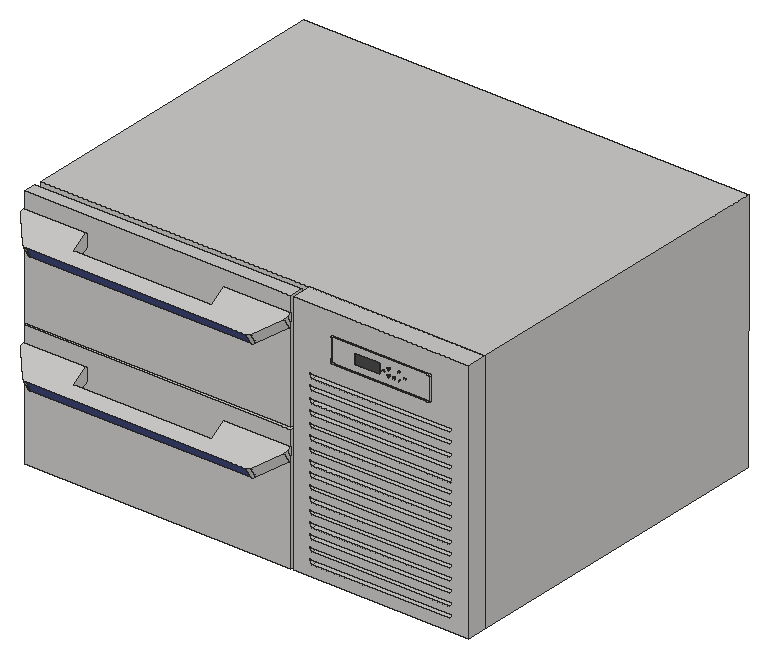
Revit family "QF_ELECTROLUXPROFESSIONAL_588718_MB6HDAJOBO", category Attrezzature speciali, Revit 2020
Family settings
  Quota connettore circolare = Usa diametro
  Tipo di parte = Normale
  Basato su piano di lavoro = No
  Sempre verticale = Sì
  Taglio con vuoti quando caricato = No
  Condiviso = No
  Punto di calcolo locali = No
Parameters (values of type "Standard")
  Weight = 80.00 kg
  Watts = 480 W
  Volts = 220 V
  URL Manufacturer = "https://www.electroluxprofessional.com/"
  URL = "https://www.electroluxprofessional.com/"
  Steam Supply Size = 0"
  Steam Supply Minimum Pressure = 0.00 psi
  Steam Supply Maximum Pressure = 0.00 psi
  Steam Consumption per Hour = 0
  Refrigeration Suction Line Size = 0 mm
  Refrigeration Liquid Line Size = 0 mm
  Refrigerant Compressor Remote = yes
  Prospetto di default = 0 mm
  Phase = 1
  Modello = "MB6HDAJOBO"
  Produttore = "Electrolux Professional"
  Length Actual = 1000 mm  # constant formula
  Item Number = "588718"
  Hot Water Size = 0"
  Height Actual = 550 mm  # constant formula
  HP = "0.6 HP"
  Gas Size = 0"
  Gas KW = 0
  Gas Input Pressure = 0.0 Btu/h
  Direct Waste Size = 0"
  Descrizione = "REF-FREEZER BASE,2DRAWERS,1SIDE,1000X850X550H - R290"
  Depth Actual = 850 mm  # constant formula
  Cycle = 50 Hz
  Condensate Return Size = 0"
  Compressed Air Volume = 0 GPM
  Compressed Air Size = 0"
  Compressed Air Pressure = 0.00 psi
  Cold Water Size = 0"
  Accessory = yes
Reference planes
  plane 1 "BACK": y = 0
  plane 2: z = 0
  plane 3 "LEFT": x = -100
  plane 4 "RIGHT": x = 900
  plane 5 "FRONT": y = -850
  plane 6 "TOP": z = 900
  plane 7 "Center (Left/Right)": x = 400
  plane 8: y = -425
  plane 9: z = 100
  plane 10: y = -150
  plane 11 "Panel": y = -785
  plane 12: z = 798
  plane 13: x = -22
  plane 14: x = 822
  plane 15: y = -150
  plane 16: y = -650
  plane 17 "EIx": x = 770
  plane 18 "EIy": y = -85
  plane 19: z = 650
  plane 20 "GasX": x = 670
  plane 21 "EI2x": x = 600
  plane 22: y = -45
  plane 23: y = -830
Forms (mm)
  Extrusion 1, solid, material "QF_Finishes_Stainless Steel"
    sketch origin (-488.969, -4662, 100) x (-1, 0, 0) y (0, -1, 0)
      loop
        circle (-1258.969, -4577) r 6.35
    from 0 to -11.851
  Extrusion 2, solid, material "QF_Finishes_Stainless Steel"
    sketch origin (-178.969, -4572, 100) x (-1, 0, 0) y (0, -1, 0)
      loop
        line (-78.969, -4527) -> (-78.969, -3787) -> (-1078.969, -3787) -> (-1078.969, -4527) -> (-78.969, -4527)
    from 550 to 0
  Extrusion 3, solid, material "QF_Finishes_Stainless Steel"
    sketch origin (-658.969, -4662, 100) x (-1, 0, 0) y (0, -1, 0)
      loop
        circle (-1258.969, -4577) r 6.35
    from 0 to -11.851
  Extrusion 4, solid, material "QF_Finishes_Stainless Steel"
    sketch origin (-588.969, -4662, 100) x (-1, 0, 0) y (0, -1, 0)
      loop
        circle (-1258.969, -4577) r 6.35
    from 0 to -11.851
Lines and regions (mm)
  symbolic lines, style "SpecialityEquipmentHiddenLines"
    curve 1: line (-100, -45, 100) -> (900, -45, 100)
  symbolic lines
    curve 2: line (-100, -850, 100) -> (-100, -45, 100)
    curve 3: line (900, -850, 100) -> (-100, -850, 100)
    curve 4: line (900, -45, 100) -> (900, -850, 100)
Dimensions and locks
  plane 3 "LEFT" to plane 4 "RIGHT" = 1000 mm
  locked: plane 5 "FRONT" to plane 1 "BACK" at 850
  equal spacing: plane 3 "LEFT", plane 7 "Center (Left/Right)", plane 4 "RIGHT"
  equal spacing: plane 5 "FRONT", plane 8, plane 1 "BACK"
  plane 6 "TOP" to level = 900 mm  (x2)
  plane 9 to level = 100 mm
  plane 1 "BACK" to plane 10 to plane 11 "Panel" = 150 mm, 635 mm  (x2)
  plane 6 "TOP" to plane 9 to level = 800 mm, 100 mm
  plane 1 "BACK" to Extrusion 1 = 85 mm
  plane 13 to plane 3 "LEFT" = 78 mm
  plane 14 to plane 4 "RIGHT" = 78 mm
  locked: plane 1 "BACK" to plane 15 at 150
  locked: plane 15 to plane 16 at 500
  plane 11 "Panel" to plane 5 "FRONT" = 65 mm
  locked: plane 18 "EIy" to plane 1 "BACK" at 85
  plane 19 to plane 9 = 550 mm
  locked: plane 20 "GasX" to plane 4 "RIGHT" at 230
  locked: plane 17 "EIx" to plane 4 "RIGHT" at 130
  locked: plane 21 "EI2x" to plane 4 "RIGHT" at 300
  plane 1 "BACK" to plane 5 "FRONT" = 850 mm
  locked: plane 1 "BACK" to plane 22 at 45
  plane 5 "FRONT" to plane 23 = 20 mm
  plane 11 "Panel" to plane 23 = 45 mm
  aligned and locked: level to plane 2
  aligned and locked: nested 1 to plane 4 "RIGHT"
  aligned and locked: plane 3 "LEFT" to nested 2
  aligned and locked: plane 19 to nested 1
  aligned and locked: plane 22 to Extrusion 2
  aligned and locked: plane 11 "Panel" to nested 1
  aligned and locked: Extrusion 2 to plane 11 "Panel"  (x2)
  aligned and locked: plane 11 "Panel" to nested 2
Automatic sketch dimensions
  plane 1 "BACK" to curve 1 = 45 mm
  curve 1 to plane 4 "RIGHT" = 0 mm
  curve 3 to plane 3 "LEFT" = 0 mm
  plane 5 "FRONT" to curve 3 = 0 mm
  Extrusion 1 sketch curve to plane 17 "EIx" = 0 mm
  Extrusion 1 sketch curve to plane 18 "EIy" = 0 mm
  Extrusion 2 sketch curve to plane 4 "RIGHT" = 0 mm
  Extrusion 2 sketch curve to plane 3 "LEFT" = 0 mm
  Extrusion 2 sketch curve to plane 11 "Panel" = 0 mm
  plane 18 "EIy" to Extrusion 2 sketch curve = 40 mm
  Extrusion 3 sketch curve to plane 18 "EIy" = 0 mm
  Extrusion 3 sketch curve to plane 21 "EI2x" = 0 mm
  Extrusion 4 sketch curve to plane 18 "EIy" = 0 mm
  Extrusion 4 sketch curve to plane 20 "GasX" = 0 mm
  radius of Extrusion 1 sketch curve = 6.35 mm
  radius of Extrusion 3 sketch curve = 6.35 mm
  radius of Extrusion 4 sketch curve = 6.35 mm
Nested families
  nested 1: "QF_ELECTROLUXPROFESSIONAL_REF-FREEZER-UNIT" at (636.133, -785, 394.336) x (1, 0, 0) z (0, -1, 0), type "QF_ELECTROLUXPROFESSIONAL_REF-FREEZER-UNIT"
    with Show Logo yes
  nested 2: "Drawer_W600_Ref_Freezer" at (205, -785, 0), type "Drawer_W600_Ref_Freezer"
Connectors
  electrical at (770, -85, 88.149)
    settings: on Extrusion 1, index 1, voltage 400 V, apparent load 33000 VA, apparent load phase1 0 VA, apparent load phase2 0 VA, apparent load phase3 0 VA, power factor 1, load classification "Other", number of poles 1, system type 30, power factor state 1, is connector primary yes, connector utility no, sub classification motor no, connector description "ELECTRICAL CONNECTION"
  piping at (670, -85, 88.149), diameter 12.7
    settings: on Extrusion 4, index 2, connector inside diameter 24", connector length 0 mm, flow factor 0, pipe flow 0 GPM, pressure drop 0.00 psi, fitting loss kfactor 0, connector angle 0.00°, fixture units 0, engagement length 0 mm, angle of deflection 0.00°, flow configuration 1, flow direction 1, fitting loss method 0, system type 7, joint type 0, gender type 0, connector reference index -1, connector utility 0, adjustable connector no, is connector primary yes, connector description "Gas connection"
  electrical at (600, -85, 88.149)
    settings: on Extrusion 3, index 3, voltage 0 V, apparent load 0 VA, apparent load phase1 0 VA, apparent load phase2 0 VA, apparent load phase3 0 VA, power factor 1, load classification "Other", number of poles 1, system type 30, power factor state 1, is connector primary no, connector utility no, sub classification motor no, connector description "Electrical connection"
Definition of nested family "QF_ELECTROLUXPROFESSIONAL_REF-FREEZER-UNIT"
  Parameters
    Width = 395 mm
    Show Logo [instance] = yes
    Height = 550 mm
    Depth = 45 mm
    Default Elevation = 100 mm
  Reference planes
    plane 1 "Centro (Fronte/Retro)": y = -19.336
    plane 2: z = 0
    plane 3 "Centro (Sinistra/Destra)": x = 66.367
    plane 4 "Back": y = -294.336
    plane 5 "Top": y = 255.664
    plane 6 "Left": x = -131.133
    plane 7 "Right": x = 263.867
    plane 8 "Panel": z = 45
  Forms (mm)
    Extrusion 1, solid
      sketch origin (0, 0, 0) x (1, 0, 0) y (0, 1, 0)
        loop
          line (-1219.2, 1219.2) -> (-1219.2, -1219.2) -> (1219.2, -1219.2) -> (1219.2, 1219.2) -> (-1219.2, 1219.2)
      from 0 to -304.8
    Extrusion 2, solid
      sketch origin (66.367, 0, 0) x (0, 1, 0) y (0, 0, 1)
        loop
          line (-294.336, 45) -> (-294.336, 0) -> (255.664, 0) -> (255.664, 45) -> (-294.336, 45)
      from -197.5 to 197.5
    Sweep 3, solid
      path origin (0, 0, 0) x (1, 0, 0) y (0, 1, 0)
        loop
          line (175.167, 207.994) -> (-42.833, 207.994)
          arc (-42.833, 207.994) -> (-44.954, 207.115) -> (-45.833, 204.994) r 3
          line (-45.833, 204.994) -> (-45.833, 154.894)
          arc (-45.833, 154.894) -> (-44.954, 152.772) -> (-42.833, 151.894) r 3
          line (-42.833, 151.894) -> (175.167, 151.894)
          arc (175.167, 151.894) -> (177.289, 152.772) -> (178.167, 154.894) r 3
          line (178.167, 154.894) -> (178.167, 204.994)
          arc (178.167, 204.994) -> (177.289, 207.115) -> (175.167, 207.994) r 3
      profile origin (66.167, 207.994, 0) x (0, -1, 0) y (0, 0, 1)
        loop
          line (0, 45.003) -> (2, 45.003) -> (2, 47.003)
          arc (2, 47.003) -> (0.586, 46.417) -> (0, 45.003) r 2
    Extrusion 4, solid
      sketch origin (0, 0, 45) x (-1, 0, 0) y (0, -1, 0)
        loop
          arc (42.333, -206.244) -> (43.575, -205.726) -> (44.083, -204.479) r 1.75
          line (44.083, -204.479) -> (44.083, -155.379)
          arc (44.083, -155.379) -> (43.57, -154.156) -> (42.346, -153.644) r 1.75
          line (42.346, -153.644) -> (-174.654, -153.644)
          arc (-174.654, -153.644) -> (-175.9, -154.152) -> (-176.417, -155.394) r 1.75
          line (-176.417, -155.394) -> (-176.417, -204.494)
          arc (-176.417, -204.494) -> (-175.905, -205.731) -> (-174.667, -206.244) r 1.75
          line (-174.667, -206.244) -> (42.333, -206.244)
        loop
          arc (-9.317, -170.644) -> (-9.611, -169.937) -> (-10.317, -169.644) r 1.002
          line (-10.317, -169.644) -> (-63.917, -169.644)
          arc (-63.917, -169.644) -> (-64.621, -169.935) -> (-64.917, -170.637) r 1.002
          line (-64.917, -170.637) -> (-64.917, -189.751)
          arc (-64.917, -189.751) -> (-64.621, -190.453) -> (-63.917, -190.744) r 1.002
          line (-63.917, -190.744) -> (-10.317, -190.744)
          arc (-10.317, -190.744) -> (-9.611, -190.45) -> (-9.317, -189.744) r 1.002
          line (-9.317, -189.744) -> (-9.317, -170.644)
        loop
          line (-72.717, -183.367) -> (-69.06, -177.032) -> (-76.375, -177.032) -> (-72.717, -183.367)
        loop
          circle (-84.616, -187.247) r 3.169
        loop
          circle (-84.616, -173.141) r 3.169
        loop
          line (-93.382, -170.679) -> (-99.425, -170.679) -> (-99.425, -175.679) -> (-93.382, -175.679) -> (-93.382, -170.679)
        loop
          line (-106.292, -171.416) -> (-108.401, -170.022) -> (-110.543, -171.427) -> (-110.543, -173.081) -> (-108.414, -171.678) -> (-106.292, -173.081) -> (-106.292, -171.416)
        loop
          line (-106.172, -187.306) -> (-108.366, -188.753) -> (-110.527, -187.306) -> (-110.527, -189.011) -> (-108.366, -190.44) -> (-106.172, -189) -> (-106.172, -187.306)
        loop
          line (-117.509, -181.558) -> (-117.509, -179.018) -> (-122.899, -179.018) -> (-122.899, -181.558) -> (-117.509, -181.558)
      from 0 to 2.003
    Extrusion 5, solid
      sketch origin (0, 0, 45) x (-1, 0, 0) y (0, -1, 0)
        loop
          arc (-64.917, -189.751) -> (-64.621, -190.453) -> (-63.915, -190.744) r 1.002
          line (-63.915, -190.744) -> (-10.319, -190.744)
          arc (-10.319, -190.744) -> (-9.611, -190.45) -> (-9.317, -189.742) r 1.002
          line (-9.317, -189.742) -> (-9.317, -170.646)
          arc (-9.317, -170.646) -> (-9.611, -169.937) -> (-10.319, -169.644) r 1.002
          line (-10.319, -169.644) -> (-63.917, -169.644)
          arc (-63.917, -169.644) -> (-64.621, -169.935) -> (-64.917, -170.637) r 1.002
          line (-64.917, -170.637) -> (-64.917, -189.751)
      from 0 to 2.003
    Extrusion 6, solid
      sketch origin (0, 0, 45) x (-1, 0, 0) y (0, -1, 0)
        loop
          line (-69.06, -177.032) -> (-76.375, -177.032) -> (-72.717, -183.367) -> (-69.06, -177.032)
        loop
          circle (-84.616, -187.247) r 3.169
        loop
          circle (-84.616, -173.141) r 3.169
        loop
          line (-99.425, -170.679) -> (-99.425, -175.679) -> (-93.382, -175.679) -> (-93.382, -170.679) -> (-99.425, -170.679)
        loop
          line (-108.401, -170.022) -> (-110.543, -171.427) -> (-110.543, -173.081) -> (-108.414, -171.678) -> (-106.292, -173.081) -> (-106.292, -171.416) -> (-108.401, -170.022)
        loop
          line (-122.899, -179.018) -> (-122.899, -181.558) -> (-117.509, -181.558) -> (-117.509, -179.018) -> (-122.899, -179.018)
        loop
          line (-108.366, -188.753) -> (-110.527, -187.306) -> (-110.527, -189.011) -> (-108.366, -190.44) -> (-106.172, -189) -> (-106.172, -187.306) -> (-108.366, -188.753)
      from 0 to 2
    Extrusion 7, void
      sketch origin (0, 0, 45) x (-1, 0, 0) y (0, -1, 0)
        loop
          line (93.805, -115.164) -> (88.954, -105.485) -> (-221.688, -105.485) -> (-226.538, -115.164) -> (93.805, -115.164)
        loop
          line (93.805, -90.163) -> (88.954, -80.484) -> (-221.688, -80.484) -> (-226.538, -90.163) -> (93.805, -90.163)
        loop
          line (93.805, -65.163) -> (88.954, -55.485) -> (-221.688, -55.485) -> (-226.538, -65.163) -> (93.805, -65.163)
        loop
          line (93.805, -40.164) -> (88.954, -30.485) -> (-221.688, -30.485) -> (-226.538, -40.164) -> (93.805, -40.164)
        loop
          line (93.805, -15.163) -> (88.954, -5.484) -> (-221.688, -5.484) -> (-226.538, -15.163) -> (93.805, -15.163)
        loop
          line (93.805, 9.837) -> (88.954, 19.516) -> (-221.688, 19.516) -> (-226.538, 9.837) -> (93.805, 9.837)
        loop
          line (93.805, 34.836) -> (88.954, 44.515) -> (-221.688, 44.515) -> (-226.538, 34.836) -> (93.805, 34.836)
        loop
          line (93.805, 59.837) -> (88.954, 69.516) -> (-221.688, 69.516) -> (-226.538, 59.837) -> (93.805, 59.837)
        loop
          line (93.805, 84.837) -> (88.954, 94.515) -> (-221.688, 94.515) -> (-226.538, 84.837) -> (93.805, 84.837)
        loop
          line (93.805, 109.836) -> (88.954, 119.515) -> (-221.688, 119.515) -> (-226.538, 109.836) -> (93.805, 109.836)
        loop
          line (93.805, 134.837) -> (88.954, 144.516) -> (-221.688, 144.516) -> (-226.538, 134.837) -> (93.805, 134.837)
        loop
          line (93.805, 159.837) -> (88.954, 169.515) -> (-221.688, 169.515) -> (-226.538, 159.837) -> (93.805, 159.837)
        loop
          line (93.805, 184.837) -> (88.954, 194.515) -> (-221.688, 194.515) -> (-226.538, 184.837) -> (93.805, 184.837)
        loop
          line (93.805, 209.837) -> (88.954, 219.516) -> (-221.688, 219.516) -> (-226.538, 209.837) -> (93.805, 209.837)
        loop
          line (93.805, 234.837) -> (88.954, 244.515) -> (-221.688, 244.515) -> (-226.538, 234.837) -> (93.805, 234.837)
        loop
          line (93.805, 259.836) -> (88.954, 269.515) -> (-221.688, 269.515) -> (-226.538, 259.836) -> (93.805, 259.836)
      from 11.086 to -14.08
  Cuts and joins
    Extrusion 7 cuts Extrusion 2
  Lines and regions (mm)
    symbolic lines
      curve 1: line (-131.133, -294.336, 0) -> (-131.133, -294.336, 45)
  Dimensions and locks
    "Height": plane 5 "Top" to plane 4 "Back"
    equal spacing: plane 5 "Top", plane 1 "Centro (Fronte/Retro)", plane 4 "Back"
    "Width": plane 6 "Left" to plane 7 "Right"
    equal spacing: plane 6 "Left", plane 3 "Centro (Sinistra/Destra)", plane 7 "Right"
    plane 8 "Panel" to level = 45 mm
    aligned and locked: plane 2 to Extrusion 1
    aligned and locked: level to Extrusion 1
    aligned and locked: plane 5 "Top" to Extrusion 2 sketch curve
    aligned and locked: Extrusion 2 sketch curve to plane 4 "Back"
    aligned and locked: Extrusion 2 sketch curve to plane 8 "Panel"
    aligned and locked: Extrusion 2 sketch curve to Extrusion 1
  Automatic sketch dimensions
    Extrusion 1 sketch curve to Extrusion 1 sketch curve = 2438.4 mm  (x2)
    plane 6 "Left" to Sweep 3 sketch curve = 88.301 mm
    Sweep 3 sketch curve to plane 5 "Top" = 50.67 mm
    Sweep 3 sketch curve to Sweep 3 sketch curve = 3 mm  (x4)
    Sweep 3 sketch curve to plane 7 "Right" = 88.699 mm
    Sweep 3 sketch curve to Sweep 3 sketch curve = 50.1 mm
    Sweep 3 sketch curve to Sweep 3 sketch curve = 0 mm  (x2)
    Sweep 3 sketch curve to profile plane = 2 mm
    level to Sweep 3 sketch curve = 45.003 mm
    Sweep 3 sketch curve to profile plane = 0 mm
    Extrusion 5 sketch curve to plane 3 "Centro (Sinistra/Destra)" = 1.449 mm
    Extrusion 5 sketch curve to Extrusion 5 sketch curve = 1.002 mm  (x4)
    Extrusion 5 sketch curve to Extrusion 5 sketch curve = 0 mm  (x9)
    Extrusion 5 sketch curve to Extrusion 5 sketch curve = 53.596 mm
    Extrusion 5 sketch curve to plane 5 "Top" = 64.92 mm
    Extrusion 5 sketch curve to Extrusion 5 sketch curve = 0.993 mm
    Extrusion 5 sketch curve to Extrusion 5 sketch curve = 0.009 mm  (x2)
    Extrusion 5 sketch curve to Extrusion 5 sketch curve = 19.096 mm  (x2)
    Extrusion 5 sketch curve to Extrusion 5 sketch curve = 0.03 mm
    Extrusion 5 sketch curve to Extrusion 5 sketch curve = 0.028 mm
    Extrusion 4 sketch curve to plane 7 "Right" = 89.199 mm
    Extrusion 4 sketch curve to Extrusion 4 sketch curve = 0 mm  (x24)
    Extrusion 4 sketch curve to Extrusion 4 sketch curve = 0.013 mm  (x3)
    plane 3 "Centro (Sinistra/Destra)" to Extrusion 4 sketch curve = 56.533 mm
    Extrusion 4 sketch curve to Extrusion 4 sketch curve = 5.391 mm
    Extrusion 4 sketch curve to Extrusion 4 sketch curve = 6.966 mm
    Extrusion 4 sketch curve to Extrusion 4 sketch curve = 6.982 mm
    Extrusion 4 sketch curve to Extrusion 4 sketch curve = 2.129 mm
    Extrusion 4 sketch curve to Extrusion 4 sketch curve = 2.16 mm
    Extrusion 4 sketch curve to Extrusion 4 sketch curve = 2.122 mm
    Extrusion 4 sketch curve to Extrusion 4 sketch curve = 2.194 mm
    Extrusion 4 sketch curve to Extrusion 4 sketch curve = 6.867 mm
    Extrusion 4 sketch curve to Extrusion 4 sketch curve = 6.043 mm
    Extrusion 4 sketch curve to Extrusion 4 sketch curve = 8.767 mm  (x2)
    Extrusion 4 sketch curve to Extrusion 4 sketch curve = 8.241 mm
    plane 3 "Centro (Sinistra/Destra)" to Extrusion 4 sketch curve = 6.351 mm
    plane 3 "Centro (Sinistra/Destra)" to Extrusion 4 sketch curve = 2.693 mm
    Extrusion 4 sketch curve to plane 3 "Centro (Sinistra/Destra)" = 1.449 mm
    Extrusion 4 sketch curve to Extrusion 4 sketch curve = 1.002 mm  (x4)
    Extrusion 4 sketch curve to Extrusion 4 sketch curve = 53.596 mm
    Extrusion 4 sketch curve to Extrusion 4 sketch curve = 52.652 mm
    Extrusion 4 sketch curve to Extrusion 4 sketch curve = 1.75 mm  (x2)
    Extrusion 4 sketch curve to plane 5 "Top" = 51.17 mm  (x2)
    Extrusion 4 sketch curve to Extrusion 4 sketch curve = 0.015 mm  (x2)
    Extrusion 4 sketch curve to plane 5 "Top" = 65.223 mm
    Extrusion 4 sketch curve to Extrusion 4 sketch curve = 0.69 mm
    Extrusion 4 sketch curve to Extrusion 4 sketch curve = 0.009 mm  (x2)
    Extrusion 4 sketch curve to Extrusion 4 sketch curve = 1.429 mm
    Extrusion 4 sketch curve to Extrusion 4 sketch curve = 1.44 mm
    Extrusion 4 sketch curve to Extrusion 4 sketch curve = 1.687 mm
    Extrusion 4 sketch curve to Extrusion 4 sketch curve = 1.694 mm
    Extrusion 4 sketch curve to Extrusion 4 sketch curve = 1.706 mm
    Extrusion 4 sketch curve to Extrusion 4 sketch curve = 2.504 mm
    Extrusion 4 sketch curve to Extrusion 4 sketch curve = 6.383 mm
    Extrusion 4 sketch curve to Extrusion 4 sketch curve = 5.748 mm
    Extrusion 4 sketch curve to Extrusion 4 sketch curve = 2.539 mm
    Extrusion 4 sketch curve to Extrusion 4 sketch curve = 6.335 mm
    Extrusion 4 sketch curve to Extrusion 4 sketch curve = 11.568 mm
    Extrusion 4 sketch curve to Extrusion 4 sketch curve = 3.891 mm
    Extrusion 4 sketch curve to Extrusion 4 sketch curve = 5.937 mm
    Extrusion 4 sketch curve to Extrusion 4 sketch curve = 1.404 mm
    Extrusion 4 sketch curve to Extrusion 4 sketch curve = 1.654 mm
    Extrusion 4 sketch curve to Extrusion 4 sketch curve = 1.665 mm
    Extrusion 4 sketch curve to Extrusion 4 sketch curve = 5 mm
    Extrusion 4 sketch curve to Extrusion 4 sketch curve = 6.386 mm
    Extrusion 4 sketch curve to Extrusion 4 sketch curve = 19.096 mm
    Extrusion 4 sketch curve to Extrusion 4 sketch curve = 1.656 mm
    Extrusion 4 sketch curve to Extrusion 4 sketch curve = 49.1 mm  (x2)
    Extrusion 4 sketch curve to Extrusion 4 sketch curve = 0.002 mm  (x5)
    plane 3 "Centro (Sinistra/Destra)" to Extrusion 6 sketch curve = 56.533 mm
    Extrusion 6 sketch curve to Extrusion 6 sketch curve = 5.391 mm
    Extrusion 6 sketch curve to Extrusion 6 sketch curve = 6.966 mm
    Extrusion 6 sketch curve to Extrusion 6 sketch curve = 6.982 mm
    Extrusion 6 sketch curve to Extrusion 6 sketch curve = 2.129 mm
    Extrusion 6 sketch curve to Extrusion 6 sketch curve = 0.013 mm
    Extrusion 6 sketch curve to Extrusion 6 sketch curve = 2.16 mm
    Extrusion 6 sketch curve to Extrusion 6 sketch curve = 0 mm  (x2)
    Extrusion 6 sketch curve to Extrusion 6 sketch curve = 2.122 mm
    Extrusion 6 sketch curve to Extrusion 6 sketch curve = 2.194 mm
    Extrusion 6 sketch curve to Extrusion 6 sketch curve = 6.867 mm
    Extrusion 6 sketch curve to Extrusion 6 sketch curve = 6.043 mm
    Extrusion 6 sketch curve to Extrusion 6 sketch curve = 8.767 mm  (x2)
    Extrusion 6 sketch curve to Extrusion 6 sketch curve = 8.241 mm
    plane 3 "Centro (Sinistra/Destra)" to Extrusion 6 sketch curve = 6.351 mm
    plane 3 "Centro (Sinistra/Destra)" to Extrusion 6 sketch curve = 2.693 mm
    Extrusion 6 sketch curve to plane 5 "Top" = 65.223 mm
    Extrusion 6 sketch curve to Extrusion 6 sketch curve = 1.429 mm
    Extrusion 6 sketch curve to Extrusion 6 sketch curve = 1.44 mm
    Extrusion 6 sketch curve to Extrusion 6 sketch curve = 1.687 mm
    Extrusion 6 sketch curve to Extrusion 6 sketch curve = 1.706 mm
    Extrusion 6 sketch curve to Extrusion 6 sketch curve = 1.694 mm
    Extrusion 6 sketch curve to Extrusion 6 sketch curve = 0.059 mm
    Extrusion 6 sketch curve to Extrusion 6 sketch curve = 3.88 mm
    Extrusion 6 sketch curve to Extrusion 6 sketch curve = 5.748 mm
    Extrusion 6 sketch curve to Extrusion 6 sketch curve = 2.539 mm
    Extrusion 6 sketch curve to Extrusion 6 sketch curve = 6.335 mm
    Extrusion 6 sketch curve to Extrusion 6 sketch curve = 11.568 mm
    Extrusion 6 sketch curve to Extrusion 6 sketch curve = 3.891 mm
    Extrusion 6 sketch curve to Extrusion 6 sketch curve = 5.937 mm
    Extrusion 6 sketch curve to Extrusion 6 sketch curve = 1.404 mm
    Extrusion 6 sketch curve to Extrusion 6 sketch curve = 1.654 mm
    Extrusion 6 sketch curve to Extrusion 6 sketch curve = 1.665 mm
    Extrusion 6 sketch curve to Extrusion 6 sketch curve = 5 mm
    Extrusion 6 sketch curve to Extrusion 6 sketch curve = 1.656 mm
    Extrusion 7 sketch curve to plane 7 "Right" = 37.328 mm  (x2)
    Extrusion 7 sketch curve to Extrusion 7 sketch curve = 0 mm  (x25)
    plane 1 "Centro (Fronte/Retro)" to Extrusion 7 sketch curve = 15.5 mm
    Extrusion 7 sketch curve to plane 1 "Centro (Fronte/Retro)" = 9.5 mm
    Extrusion 7 sketch curve to Extrusion 7 sketch curve = 4.851 mm  (x32)
    plane 1 "Centro (Fronte/Retro)" to Extrusion 7 sketch curve = 0.179 mm
    plane 6 "Left" to Extrusion 7 sketch curve = 42.179 mm  (x5)
    Extrusion 7 sketch curve to Extrusion 7 sketch curve = 15.321 mm  (x14)
    Extrusion 7 sketch curve to Extrusion 7 sketch curve = 9.679 mm  (x15)
    curve 1 to plane 6 "Left" = 0 mm
    curve 1 to level = 0 mm
    curve 1 to plane 8 "Panel" = 0 mm
    radius of Extrusion 4 sketch curve = 3.169 mm  (x2)
    radius of Extrusion 6 sketch curve = 3.169 mm  (x2)
Definition of nested family "Drawer_W600_Ref_Freezer"
  Parameters
    Width = 600 mm
    Default Elevation = 0 mm
    Foro = 310 mm
    BordoCassetto = 118 mm
    BordoBattuta = 89 mm
  Reference planes
    plane 1 "Ref. Level": z = 0
    plane 2 "Center (Left/Right)": x = -5
    plane 3 "Left": x = -305
    plane 4 "Right": x = 295
    plane 5 "Top": z = 650
    plane 6 "Base": z = 100
    plane 7: z = 380
    plane 8 "BaseUp": z = 385
    plane 9 "ManopolaLow": through (-6096, -70.559, 332.255) normal (0, -0.515, 0.8572)
    plane 10 "ManopolaUp2": through (-6096, -614.412, 604.849) normal (0, -0.515, 0.8572)
    plane 11 "ManopolaLow2": through (-6096, -616.076, 332.255) normal (0, -0.515, 0.8572)
    plane 12: y = -640
    plane 13: y = -655
    plane 14 "ManopolaUp": through (-6096, -70.559, 602.255) normal (0, -0.515, 0.8572)
    plane 15: y = -15
    plane 16: y = -60
    plane 17: y = 840
    plane 18: x = -185
    plane 19: x = 175
    plane 20: x = -216
    plane 21: x = 206
    plane 22: x = -160
    plane 23: x = 150
  Forms (mm)
    Extrusion 1, solid
      sketch origin (-5, 84, 0) x (0, 1, 0) y (0, 0, 1)
        loop
          line (-129.03, 650) -> (-129.03, 385) -> (-99, 385) -> (-99, 650) -> (-129.03, 650)
      from -300 to 300
    Extrusion 2, solid
      sketch origin (-5, 84, -270) x (0, 1, 0) y (0, 0, 1)
        loop
          line (-129.03, 650) -> (-129.03, 370) -> (-99, 370) -> (-99, 650) -> (-129.03, 650)
      from -300 to 300
    Extrusion 3, solid, detail levels coarse
      sketch origin (-5, -464.17, -270) x (0, 1, 0) y (0, 0, 1)
        loop
          line (-129.03, 650) -> (-129.03, 370) -> (-101.83, 370) -> (-101.83, 650) -> (-129.03, 650)
      from -300 to 300
    Extrusion 4, solid, detail levels coarse
      sketch origin (-5, -464.17, 15) x (0, 1, 0) y (0, 0, 1)
        loop
          line (-129.03, 635) -> (-129.03, 370) -> (-101.83, 370) -> (-101.83, 635) -> (-129.03, 635)
      from -300 to 300
    Extrusion 5, solid, detail levels coarse
      sketch origin (0, 0, 100) x (-1, 0, 0) y (0, -1, 0)
        loop
          line (-206, 566) -> (-206, 553) -> (-175, 553) -> (-175, 60) -> (185, 60) -> (185, 553) -> (216, 553) -> (216, 566) -> (-206, 566)
      from 246 to 22
    Extrusion 6, solid, detail levels coarse
      sketch origin (0, 0, 385) x (0, 1, 0) y (-1, 0, 0)
        loop
          line (-566, -206) -> (-553, -206) -> (-553, -175) -> (-60, -175) -> (-60, 185) -> (-553, 185) -> (-553, 216) -> (-566, 216) -> (-566, -206)
      from 22 to 230
    Extrusion 7, solid
      sketch origin (0, 104.5, 100) x (-1, 0, 0) y (0, -1, 0)
        loop
          line (185, 119.5) -> (-175, 119.5) -> (-175, 104) -> (185, 104) -> (185, 119.5)
      from 22 to 246
    Extrusion 8, solid
      sketch origin (0, 104.5, 385) x (0, 1, 0) y (-1, 0, 0)
        loop
          line (-119.5, 185) -> (-119.5, -175) -> (-104.5, -175) -> (-104.5, 185) -> (-119.5, 185)
      from 22 to 230
  Lines and regions (mm)
    symbolic lines
      curve 1: line (-305, -149.043, 0) -> (-305, -514.03, 0)
      curve 2: line (295, -514.03, 0) -> (295, -149.03, 0)
      curve 3: line (-305, -655, 0) -> (-305, -689.743, 0)
      curve 4: line (175, -106.83, 0) -> (175, -553, 0)
      curve 5: line (295, -689.743, 0) -> (295, -690, 0)
      curve 6: line (206, -553, 0) -> (175, -553, 0)
      curve 7: line (206, -566, 0) -> (206, -553, 0)
      curve 8: line (-216, -553, 0) -> (-216, -566, 0)
      curve 9: line (-185, -553, 0) -> (-216, -553, 0)
      curve 10: line (-185, -60, 0) -> (-185, -553, 0)
      curve 11: line (295, -566, 0) -> (-305, -566, 0)
      curve 12: line (-305, -566, 0) -> (-305, -605.1, 0)
      curve 13: line (295, -566, 0) -> (295, -605.1, 0)
      curve 14: line (-305, -593.2, 0) -> (295, -593.2, 0)
  Dimensions and locks
    plane 6 "Base" to plane 5 "Top" = 550 mm
    plane 6 "Base" to level = 100 mm
    plane 6 "Base" to plane 7 = 280 mm
    plane 5 "Top" to plane 8 "BaseUp" = 265 mm
    plane 8 "BaseUp" to plane 7 = 5 mm
    "Width": plane 4 "Right" to plane 3 "Left"
    equal spacing: plane 4 "Right", plane 2 "Center (Left/Right)", plane 3 "Left"
    plane 17 to plane 13 = 1495 mm
    plane 17 to plane 15 = 855 mm
    plane 15 to plane 16 = 45 mm
    locked: plane 18 to plane 3 "Left" at 120
    locked: plane 19 to plane 4 "Right" at 120
    "Foro": plane 22 to plane 23
    plane 22 to nested 4 to plane 23 = 155 mm, 155 mm
    "BordoBattuta": plane 21 to plane 4 "Right"
    "BordoBattuta": plane 20 to plane 3 "Left"
    aligned and locked: Extrusion 6 to plane 18
    aligned and locked: Extrusion 4 to plane 3 "Left"
    aligned and locked: Extrusion 1 to plane 3 "Left"
    aligned and locked: Extrusion 4 to plane 4 "Right"
    aligned and locked: Extrusion 1 to plane 4 "Right"
    aligned and locked: Extrusion 3 to plane 4 "Right"
    aligned and locked: Extrusion 3 to plane 3 "Left"
    aligned and locked: Extrusion 2 to plane 3 "Left"
    aligned and locked: Extrusion 2 to plane 4 "Right"
    aligned and locked: Extrusion 6 to plane 20
    aligned and locked: Extrusion 5 to plane 20
    aligned and locked: Extrusion 6 to plane 21
    aligned and locked: Extrusion 5 to plane 21
    aligned and locked: plane 19 to Extrusion 6
    aligned and locked: curve 7 to plane 21
    aligned and locked: curve 10 to Extrusion 6
    aligned and locked: curve 4 to Extrusion 6
    aligned and locked: plane 2 "Center (Left/Right)" to nested 3
    aligned and locked: nested 4 to nested 3
    aligned and locked: plane 2 "Center (Left/Right)" to nested 2
  Automatic sketch dimensions
    Extrusion 1 sketch curve to plane 8 "BaseUp" = 0 mm
    Extrusion 1 sketch curve to plane 5 "Top" = 0 mm
    Extrusion 1 sketch curve to plane 15 = 0 mm
    plane 16 to Extrusion 1 sketch curve = 14.97 mm
    plane 6 "Base" to Extrusion 2 sketch curve = 0 mm
    Extrusion 2 sketch curve to plane 7 = 0 mm
    Extrusion 2 sketch curve to plane 15 = 0 mm
    plane 16 to Extrusion 2 sketch curve = 14.97 mm
    plane 6 "Base" to Extrusion 3 sketch curve = 0 mm
    Extrusion 3 sketch curve to plane 7 = 0 mm
    Extrusion 3 sketch curve to plane 12 = 46.8 mm
    Extrusion 3 sketch curve to Extrusion 3 sketch curve = 27.2 mm
    Extrusion 4 sketch curve to plane 8 "BaseUp" = 0 mm
    Extrusion 4 sketch curve to plane 5 "Top" = 0 mm
    Extrusion 4 sketch curve to plane 12 = 46.8 mm
    Extrusion 4 sketch curve to Extrusion 4 sketch curve = 27.2 mm
    Extrusion 5 sketch curve to plane 16 = 0 mm
    plane 4 "Right" to Extrusion 5 sketch curve = 89 mm
    Extrusion 5 sketch curve to Extrusion 5 sketch curve = 31 mm  (x2)
    plane 3 "Left" to Extrusion 5 sketch curve = 120 mm
    Extrusion 5 sketch curve to plane 12 = 87 mm  (x2)
    Extrusion 5 sketch curve to Extrusion 5 sketch curve = 13 mm
    Extrusion 6 sketch curve to plane 16 = 0 mm
    Extrusion 6 sketch curve to plane 12 = 87 mm  (x2)
    Extrusion 6 sketch curve to Extrusion 6 sketch curve = 13 mm
    plane 4 "Right" to Extrusion 6 sketch curve = 89 mm
    Extrusion 6 sketch curve to Extrusion 6 sketch curve = 31 mm  (x2)
    plane 3 "Left" to Extrusion 6 sketch curve = 120 mm
    Extrusion 7 sketch curve to plane 15 = 0 mm
    plane 4 "Right" to Extrusion 7 sketch curve = 120 mm
    plane 3 "Left" to Extrusion 7 sketch curve = 120 mm
    Extrusion 7 sketch curve to Extrusion 7 sketch curve = 15.5 mm
    Extrusion 8 sketch curve to plane 15 = 0 mm
    Extrusion 8 sketch curve to Extrusion 8 sketch curve = 15 mm
    plane 4 "Right" to Extrusion 8 sketch curve = 120 mm
    plane 3 "Left" to Extrusion 8 sketch curve = 120 mm
    curve 1 to plane 3 "Left" = 0 mm
    curve 14 to plane 3 "Left" = 0 mm
    curve 3 to plane 3 "Left" = 0 mm
    curve 5 to plane 4 "Right" = 0 mm
    curve 2 to plane 4 "Right" = 0 mm
    curve 13 to plane 4 "Right" = 0 mm
    curve 3 to plane 13 = 0 mm
    curve 10 to plane 16 = 0 mm
    curve 9 to plane 18 = 31 mm
    curve 11 to plane 12 = 74 mm
    curve 7 to curve 7 = 13 mm
    curve 8 to curve 9 = 13 mm
    curve 3 to curve 3 = 34.743 mm
    curve 5 to plane 13 = 34.743 mm
    curve 5 to curve 5 = 0.257 mm
    curve 13 to plane 12 = 34.9 mm
    curve 12 to plane 12 = 34.9 mm
    curve 12 to curve 14 = 11.9 mm
    curve 11 to curve 1 = 51.97 mm
    curve 11 to curve 2 = 51.97 mm
    curve 1 to plane 16 = 89.043 mm
    curve 2 to plane 16 = 89.03 mm
    curve 4 to plane 16 = 46.83 mm
  Nested families
    nested 1: "Maniglia600" at (0, -20, -9.834), type "Maniglia600"
    nested 2: "Maniglia600" at (0, -20, -279.834), type "Maniglia600"
    nested 3: "Maniglia600_Clearence" at (0, -568.17, -9.834), type "Maniglia600_Clearence"
    nested 4: "Maniglia600_Clearence" at (0, -568.17, -281.429), type "Maniglia600_Clearence"
  Definition of nested family "Maniglia600"
    Parameters
      Width = 600 mm
      Default Elevation = 0 mm
    Reference planes
      plane 1 "Center (Front/Back)": y = 0
      plane 2 "Ref. Level": z = 0
      plane 3 "Center (Left/Right)": x = -5
      plane 4: x = -305
      plane 5: x = 295
      plane 6 "Manopola": through (-6096, -50.059, 612.389) normal (0, -0.515, 0.8572)
      plane 7 "Top": z = 650
      plane 8: z = 265
      plane 9: z = 200
    Forms (mm)
      Extrusion 1, solid
        sketch origin (0, -283.633, 472.044) x (0, 0.857167, 0.515038) y (-1, 0, 0)
          loop
            line (299.12, -295) -> (299.12, 305) -> (290.982, 305)
            arc (290.982, 305) -> (286.677, 304.026) -> (283.211, 301.293) r 10
            line (283.211, 301.293) -> (233.28, 260.86)
            arc (233.28, 260.86) -> (230.548, 257.394) -> (229.574, 253.089) r 10
            line (229.574, 253.089) -> (229.574, -243.089)
            arc (229.574, -243.089) -> (230.548, -247.394) -> (233.28, -250.86) r 10
            line (233.28, -250.86) -> (283.211, -291.293)
            arc (283.211, -291.293) -> (286.677, -294.026) -> (290.982, -295) r 10
            line (290.982, -295) -> (299.12, -295)
        from -27 to 0
      Extrusion 2, void
        sketch origin (-5, 0, 0) x (0, 1, 0) y (0, 0, 1)
          loop
            line (-61.514, 605.507) -> (-47.608, 582.363) -> (-25.03, 595.93) -> (-25.03, 627.429) -> (-61.514, 605.507)
        from -160 to 150
      Extrusion 3, void
        sketch origin (-5, 0, 0) x (0, 1, 0) y (0, 0, 1)
          loop
            line (-25.03, 595.93) -> (-13.331, 602.959) -> (-25.03, 622.429) -> (-25.03, 595.93)
        from -300 to 300
    Cuts and joins
      Extrusion 2, Extrusion 3 cuts Extrusion 1
    Lines and regions (mm)
      symbolic lines
        curve 1: line (-297.355, -45.043, 0) -> (-260.86, -83.673, 0)
        curve 2: line (-253.089, -86.85, 0) -> (243.089, -86.85, 0)
        curve 3: line (250.86, -83.673, 0) -> (287.355, -45.043, 0)
        curve 4: arc (-253.089, -86.85, 0) -> (-257.318, -86.101, 0) -> (-260.86, -83.673, 0) r 10.165
        curve 5: arc (243.089, -86.85, 0) -> (247.318, -86.101, 0) -> (250.86, -83.673, 0) r 10.165
    Dimensions and locks
      plane 9 to level = 200 mm
      plane 8 to plane 9 = 65 mm
      plane 8 to plane 7 "Top" = 385 mm
      plane 7 "Top" to plane 9 = 450 mm
      "Width": plane 4 to plane 5
      equal spacing: plane 4, plane 3 "Center (Left/Right)", plane 5
      aligned and locked: Extrusion 3 to Extrusion 1
      aligned and locked: Extrusion 1 to Extrusion 3
    Automatic sketch dimensions
      plane 4 to curve 1 = 44.14 mm
      curve 4 to curve 4 = 7.389 mm
      curve 1 to curve 2 = 7.771 mm
      plane 5 to curve 2 = 51.911 mm
      curve 2 to curve 5 = 0.382 mm
      curve 2 to curve 3 = 7.771 mm
      plane 1 "Center (Front/Back)" to curve 2 = 86.85 mm
      curve 2 to curve 3 = 3.177 mm
      curve 4 to curve 1 = 3.177 mm
      plane 4 to curve 1 = 7.645 mm
      plane 5 to curve 3 = 7.645 mm
      plane 1 "Center (Front/Back)" to curve 1 = 45.043 mm
      plane 1 "Center (Front/Back)" to curve 3 = 45.043 mm
      Extrusion 1 sketch curve to plane 5 = 0 mm
      Extrusion 1 sketch curve to plane 4 = 0 mm
      plane 4 to Extrusion 1 sketch curve = 51.911 mm
      plane 5 to Extrusion 1 sketch curve = 44.14 mm
      Extrusion 1 sketch curve to Extrusion 1 sketch curve = 3.707 mm  (x2)
      plane 4 to Extrusion 1 sketch curve = 44.14 mm
      Extrusion 1 sketch curve to Extrusion 1 sketch curve = 6.293 mm
      plane 5 to Extrusion 1 sketch curve = 3.707 mm
      Extrusion 1 sketch curve to Extrusion 1 sketch curve = 49.93 mm  (x2)
      plane 4 to Extrusion 1 sketch curve = 3.707 mm
      Extrusion 1 sketch curve to Extrusion 1 sketch curve = 7.771 mm
      plane 4 to Extrusion 1 sketch curve = 10 mm
      Extrusion 1 sketch curve to Extrusion 1 sketch curve = 8.138 mm
      Extrusion 2 sketch curve to plane 6 "Manopola" = 0 mm  (x2)
      Extrusion 2 sketch curve to plane 7 "Top" = 44.493 mm
      Extrusion 2 sketch curve to Extrusion 2 sketch curve = 13.906 mm
      plane 1 "Center (Front/Back)" to Extrusion 2 sketch curve = 25.03 mm
      Extrusion 3 sketch curve to plane 7 "Top" = 27.571 mm
      plane 1 "Center (Front/Back)" to Extrusion 3 sketch curve = 13.331 mm
      Extrusion 3 sketch curve to Extrusion 3 sketch curve = 19.47 mm
      Extrusion 3 sketch curve to Extrusion 3 sketch curve = 7.029 mm
  Definition of nested family "Maniglia600_Clearence"
    Parameters
      Width = 600 mm
      Default Elevation = 0 mm
    Reference planes
      plane 1 "Center (Front/Back)": y = 0
      plane 2 "Ref. Level": z = 0
      plane 3 "Center (Left/Right)": x = -5
      plane 4: x = -305
      plane 5: x = 295
      plane 6 "Manopola": through (-6096, -50.059, 612.389) normal (0, -0.515, 0.8572)
      plane 7 "Top": z = 650
      plane 8: z = 265
      plane 9: z = 200
    Forms (mm)
      Extrusion 1, solid, detail levels coarse
        sketch origin (0, -283.633, 472.044) x (0, 0.857167, 0.515038) y (-1, 0, 0)
          loop
            line (299.12, -295) -> (299.12, 305) -> (290.982, 305)
            arc (290.982, 305) -> (286.677, 304.026) -> (283.211, 301.293) r 10
            line (283.211, 301.293) -> (233.28, 260.86)
            arc (233.28, 260.86) -> (230.548, 257.394) -> (229.574, 253.089) r 10
            line (229.574, 253.089) -> (229.574, -243.089)
            arc (229.574, -243.089) -> (230.548, -247.394) -> (233.28, -250.86) r 10
            line (233.28, -250.86) -> (283.211, -291.293)
            arc (283.211, -291.293) -> (286.677, -294.026) -> (290.982, -295) r 10
            line (290.982, -295) -> (299.12, -295)
        from -27 to 0
      Extrusion 2, void
        sketch origin (-5, 0, 0) x (0, 1, 0) y (0, 0, 1)
          loop
            line (-61.514, 605.507) -> (-47.608, 582.363) -> (-25.03, 595.93) -> (-25.03, 627.429) -> (-61.514, 605.507)
        from -160 to 150
      Extrusion 3, void
        sketch origin (-5, 0, 0) x (0, 1, 0) y (0, 0, 1)
          loop
            line (-25.03, 595.93) -> (-13.331, 602.959) -> (-25.03, 622.429) -> (-25.03, 595.93)
        from -300 to 300
    Cuts and joins
      Extrusion 2, Extrusion 3 cuts Extrusion 1
    Lines and regions (mm)
      symbolic lines
        curve 1: line (-303.91, -38.104, 0) -> (-260.86, -83.673, 0)
        curve 2: line (-253.089, -86.85, 0) -> (243.089, -86.85, 0)
        curve 3: line (250.86, -83.673, 0) -> (291.293, -40.874, 0)
        curve 4: arc (-253.089, -86.85, 0) -> (-257.318, -86.101, 0) -> (-260.86, -83.673, 0) r 10.165
        curve 5: arc (243.089, -86.85, 0) -> (247.318, -86.101, 0) -> (250.86, -83.673, 0) r 10.165
        curve 6: spline (-305, -34.212, 0) -> (-304.973, -34.848, 0) -> (-304.89, -35.479, 0) -> (-304.753, -36.104, 0) -> (-304.563, -36.719, 0) -> (-304.32, -37.319, 0) -> (-304.026, -37.903, 0) -> (-303.682, -38.466, 0) -> (-303.29, -39.006, 0) -> (-302.853, -39.519, 0) -> (-302.373, -40.003, 0) -> (-301.852, -40.456, 0) -> (-301.293, -40.874, 0)
        curve 7: line (-305, -25.03, 0) -> (-305, -34.212, 0)
        curve 8: line (-305, -25.03, 0) -> (-165, -25.03, 0)
        curve 9: line (-165, -25.03, 0) -> (-165, -61.514, 0)
        curve 10: line (295, -34.212, 0) -> (295, -25.03, 0)
        curve 11: spline (291.293, -40.874, 0) -> (291.852, -40.456, 0) -> (292.373, -40.003, 0) -> (292.853, -39.519, 0) -> (293.29, -39.006, 0) -> (293.682, -38.466, 0) -> (294.026, -37.903, 0) -> (294.32, -37.319, 0) -> (294.563, -36.719, 0) -> (294.753, -36.104, 0) -> (294.89, -35.479, 0) -> (294.973, -34.848, 0) -> (295, -34.212, 0)
        curve 12: line (145, -25.03, 0) -> (145, -61.514, 0)
        curve 13: line (145, -61.514, 0) -> (-165, -61.514, 0)
        curve 14: line (145, -25.03, 0) -> (295, -25.03, 0)
    Dimensions and locks
      plane 9 to level = 200 mm
      plane 8 to plane 9 = 65 mm
      plane 8 to plane 7 "Top" = 385 mm
      plane 7 "Top" to plane 9 = 450 mm
      "Width": plane 4 to plane 5
      equal spacing: plane 4, plane 3 "Center (Left/Right)", plane 5
      aligned and locked: Extrusion 3 to Extrusion 1
      aligned and locked: Extrusion 1 to Extrusion 3
    Automatic sketch dimensions
      Extrusion 1 sketch curve to plane 5 = 0 mm
      Extrusion 1 sketch curve to plane 4 = 0 mm
      plane 4 to Extrusion 1 sketch curve = 51.911 mm
      plane 5 to Extrusion 1 sketch curve = 44.14 mm
      Extrusion 1 sketch curve to Extrusion 1 sketch curve = 3.707 mm  (x2)
      plane 4 to Extrusion 1 sketch curve = 44.14 mm
      Extrusion 1 sketch curve to Extrusion 1 sketch curve = 6.293 mm
      plane 5 to Extrusion 1 sketch curve = 3.707 mm
      Extrusion 1 sketch curve to Extrusion 1 sketch curve = 49.93 mm  (x2)
      plane 4 to Extrusion 1 sketch curve = 3.707 mm
      Extrusion 1 sketch curve to Extrusion 1 sketch curve = 7.771 mm
      plane 4 to Extrusion 1 sketch curve = 10 mm
      Extrusion 1 sketch curve to Extrusion 1 sketch curve = 8.138 mm
      Extrusion 2 sketch curve to plane 6 "Manopola" = 0 mm  (x2)
      Extrusion 2 sketch curve to plane 7 "Top" = 44.493 mm
      Extrusion 2 sketch curve to Extrusion 2 sketch curve = 13.906 mm
      plane 1 "Center (Front/Back)" to Extrusion 2 sketch curve = 25.03 mm
      Extrusion 3 sketch curve to plane 7 "Top" = 27.571 mm
      plane 1 "Center (Front/Back)" to Extrusion 3 sketch curve = 13.331 mm
      Extrusion 3 sketch curve to Extrusion 3 sketch curve = 19.47 mm
      Extrusion 3 sketch curve to Extrusion 3 sketch curve = 7.029 mm
      curve 8 to plane 4 = 0 mm
      curve 10 to plane 5 = 0 mm
      plane 4 to curve 1 = 44.14 mm
      curve 1 to curve 4 = 7.389 mm
      curve 1 to curve 2 = 7.771 mm
      plane 5 to curve 2 = 51.911 mm
      curve 5 to curve 5 = 0.382 mm
      curve 5 to curve 3 = 7.771 mm
      plane 5 to curve 3 = 3.707 mm
      plane 1 "Center (Front/Back)" to curve 2 = 86.85 mm
      curve 5 to curve 3 = 3.177 mm
      curve 2 to curve 1 = 3.177 mm
      plane 1 "Center (Front/Back)" to curve 3 = 40.874 mm
      plane 1 "Center (Front/Back)" to curve 7 = 34.212 mm
      curve 3 to curve 10 = 6.661 mm
      curve 11 to curve 14 = 9.183 mm
      plane 4 to curve 1 = 1.09 mm
      plane 4 to curve 6 = 3.707 mm
      curve 6 to curve 6 = 6.293 mm
      curve 4 to curve 9 = 88.471 mm
      curve 12 to curve 5 = 98.471 mm
      curve 11 to curve 11 = 16.293 mm
      curve 13 to curve 9 = 36.484 mm
      plane 1 "Center (Front/Back)" to curve 13 = 61.514 mm
